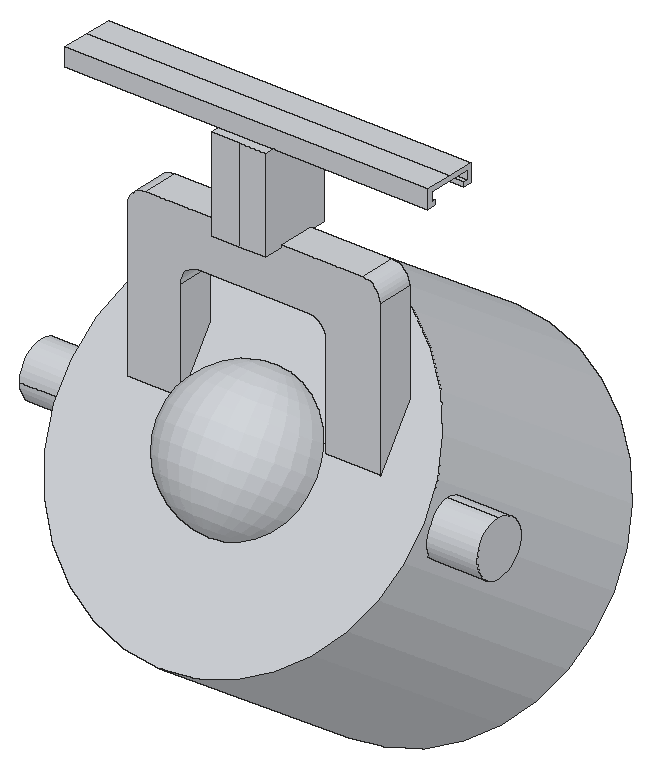
Revit family "Track_light_single", category Lighting Fixtures, host Ceiling, Revit 2016
Family settings
  Host = Ceiling
  Part Type = Normal
  Round Connector Dimension = Use Diameter
  Work Plane-Based = No
  Always vertical = Yes
  Cut with Voids When Loaded = No
  Light Source = Yes
  Shared = No
  Room Calculation Point = No
Parameters (values of type "Track_light_adjustable_3686 2")
  distance between lights = 25"
  Wattage = 12.1178 W
  built-in parameter 1150110 = 1 (stored number, unit not read)
  built-in parameter 1114217 = 1 (stored number, unit not read)
  Tilt Angle = 60.00°
  built-in parameter 1150109 = 1 (stored number, unit not read)
  built-in parameter 1150134 = 3
  built-in parameter 1150113 = 1 (stored number, unit not read)
  built-in parameter 1010507 = 0.7854 (stored number, unit not read)
  built-in parameter 1010506 = 0.5236 (stored number, unit not read)
  OffstDown = 0"
  built-in parameter 1150105 = 7422.5 (stored number, unit not read)
  Lumens = 1800 lm
  built-in parameter 1150115 = 1 (stored number, unit not read)
  Light Source Symbol Length = 120"
  built-in parameter 1150137 = (empty or 0)
  built-in parameter 1150139 = (empty or 0)
  Length [instance] = 10"
  built-in parameter 1150112 = 1 (stored number, unit not read)
  built-in parameter 1150114 = 1 (stored number, unit not read)
  built-in parameter 1150132 = 2
  built-in parameter 1150102 = (empty or 0)
  built-in parameter 1150107 = 3200 (stored number, unit not read)
  built-in parameter 1150138 = (empty or 0)
  built-in parameter 1150106 = 74.225 (stored number, unit not read)
  built-in parameter 1150104 = 13.8 (stored number, unit not read)
  Dimming Lamp Color Temperature Shift = <None>
  Color Filter = 16777215
  built-in parameter 1114218 = 1 (stored number, unit not read)
  built-in parameter 1150133 = 10 (stored number, unit not read)
Types (6): name | Wattage | Tilt Angle | built-in parameter 1010507 | built-in parameter 1010506 | built-in parameter 1150105 | Lumens | built-in parameter 1150106 | Color Filter
  Track_light_adjustable_3686 2 | 12.1178 W | 60.00° | 0.7854 (stored number, unit not read) | 0.5236 (stored number, unit not read) | 7422.5 (stored number, unit not read) | 1800 lm | 74.225 (stored number, unit not read) | 16777215
  Track_light_adjustable_10 | 5.38568 W | 40.00° | 1.3963 (stored number, unit not read) | 1.5708 (stored number, unit not read) | 3298.9 (stored number, unit not read) | 800 lm | 32.989 (stored number, unit not read) | 16777215
  Track_light_adjustable_5 | 5.38568 W | 20.00° | 0.7854 (stored number, unit not read) | 1.0472 (stored number, unit not read) | 3298.9 (stored number, unit not read) | 800 lm | 32.989 (stored number, unit not read) | 16777215
  Track_light_adjustable_4 | 4.03926 W | 5.00° | 2.0944 (stored number, unit not read) | 2.0944 (stored number, unit not read) | 254.65 (stored number, unit not read) | 600 lm | 2.5465 (stored number, unit not read) | 16777215
  Track_light_adjustable_2 | 4.03926 W | 60.00° | 1.5708 (stored number, unit not read) | 1.5708 (stored number, unit not read) | 443.16 (stored number, unit not read) | 600 lm | 4.4316 (stored number, unit not read) | 8453888
  Track_light_adjustable_1 | 6.7321 W | 5.00° | 2.0944 (stored number, unit not read) | 2.0944 (stored number, unit not read) | 424.41 (stored number, unit not read) | 1000 lm | 4.2441 (stored number, unit not read) | 16777088
Reference planes (in)
  plane 1 "Light Source Axis (F/B)": y = 44.39628
  plane 2 "Ceiling": z = 96
  plane 3 "Light Source Axis (L/R)": x = -4.52439
  plane 4 "Light Source Elevation": z = 96
  plane 5: x = -9.52439
  plane 6: x = 0.47561
  plane 7: z = 95.5
Forms (in)
  Extrusion 1, solid
    sketch origin (-4.52439, 0, -4) x (0, 1, 0) y (0, 0, 1)
      loop
        line (0, 100) -> (-0.75, 100) -> (-0.75, 99.5) -> (-0.5, 99.5) -> (-0.5, 99.625) -> (-0.625, 99.625) -> (-0.625, 99.875) -> (0, 99.875) -> (0.625, 99.875) -> (0.625, 99.625) -> (0.5, 99.625) -> (0.5, 99.5) -> (0.75, 99.5) -> (0.75, 100) -> (0, 100)
    from -5 to 5
Dimensions and locks (in)
  equal spacing: host sketch curve, plane 3 "Light Source Axis (L/R)", host sketch curve
  equal spacing: host sketch curve, plane 1 "Light Source Axis (F/B)", host sketch curve
  host sketch curve to host sketch curve = 120"  (x2)
  "Length": plane 6 to plane 5
  equal spacing: plane 6, plane 3 "Light Source Axis (L/R)", plane 5
  "OffstDown": plane 2 "Ceiling" to plane 4 "Light Source Elevation"
  plane 4 "Light Source Elevation" to plane 7 = 1/2"
  aligned and locked: plane 6 to Extrusion 1
  aligned and locked: Extrusion 1 to plane 5
  aligned and locked: plane 3 "Light Source Axis (L/R)" to nested 1
  aligned and locked: Extrusion 1 to Extrusion 1
  aligned and locked: Extrusion 1 to plane 4 "Light Source Elevation"
  aligned and locked: plane 7 to Extrusion 1
Automatic sketch dimensions
  Extrusion 1 sketch curve to plane 2 "Ceiling" = 0"
  plane 7 to Extrusion 1 sketch curve = 0"  (x2)
  plane 1 "Light Source Axis (F/B)" to Extrusion 1 sketch curve = 45.14628"
  Extrusion 1 sketch curve to Extrusion 1 sketch curve = 1/8"  (x4)
  Extrusion 1 sketch curve to Extrusion 1 sketch curve = 1/2"  (x2)
  Extrusion 1 sketch curve to Extrusion 1 sketch curve = 0"
  Extrusion 1 sketch curve to plane 7 = 1/8"  (x2)
  Extrusion 1 sketch curve to plane 2 "Ceiling" = 1/8"
Nested families (in)
  nested 1: "4 track light model" at (-4.52439, 0, 91.78485), type "4 track light model"
Definition of nested family "4 track light model"
  Reference planes (in)
    plane 1 "Center (Front/Back)": y = 0
    plane 2: z = 0
    plane 3 "Center (Left/Right)": x = 0
  Forms (in)
    Extrusion 1, solid
      sketch origin (0, 0.5, -1) x (-1, 0, 0) y (0, 0, -1)
        loop
          line (-2, -0.32381) -> (-2, 4) -> (-3.5, 4) -> (-3.5, -1.7483)
          arc (-3.5, -1.7483) -> (-3.35355, -2.10185) -> (-3, -2.2483) r 0.5
          line (-3, -2.2483) -> (2.97105, -2.2483)
          arc (2.97105, -2.2483) -> (3.32461, -2.10185) -> (3.47105, -1.7483) r 0.5
          line (3.47105, -1.7483) -> (3.47105, 4) -> (2, 4) -> (2, -0.32381)
          arc (2, -0.32381) -> (1.85355, -0.67736) -> (1.5, -0.82381) r 0.5
          line (1.5, -0.82381) -> (-1.5, -0.82381)
          arc (-1.5, -0.82381) -> (-1.85355, -0.67736) -> (-2, -0.32381) r 0.5
      from 0 to 1
    Extrusion 2, void
      sketch origin (0, 0.5, -1) x (0, 1, 0) y (0, 0, -1)
        loop
          line (0, 3.5) -> (0, 4) -> (-0.5, 4)
          arc (-0.5, 4) -> (-0.14645, 3.85355) -> (0, 3.5) r 0.5
      from -2.125 to 2.125
    Extrusion 3, void
      sketch origin (0, 0.5, -1) x (0, 1, 0) y (0, 0, -1)
        loop
          line (-0.5, 4) -> (-1, 4) -> (-1, 3.5)
          arc (-1, 3.5) -> (-0.85355, 3.85355) -> (-0.5, 4) r 0.5
      from -2.125 to 2.125
    Extrusion 4, void
      sketch origin (0, 0.5, -1) x (0, 1, 0) y (0, 0, -1)
        loop
          circle (-0.5, 3.5) r 0.125
      from -2.125 to 2.125
    Extrusion 5, solid
      sketch origin (0.12388, 1.5638, -5.75356) x (0, -0.573576, -0.819152) y (1, 0, 0)
        loop
          circle (-0.06862, -0.11953) r 5
      from -4.94183 to 3
    Extrusion 6, void
      sketch origin (0.12388, 1.5638, -5.75356) x (0, -0.573576, -0.819152) y (1, 0, 0)
        loop
          circle (-0.08343, -0.12315) r 4.7
      from -4.94183 to 2.5
    Extrusion 7, solid
      sketch origin (2.125, 0.5, -1) x (-1, 0, 0) y (0, -1, 0)
        loop
          line (2.125, 1.5) -> (1.375, 1.5) -> (1.375, -0.5) -> (2.875, -0.5) -> (2.875, 1.5) -> (2.125, 1.5)
      from 2.15625 to 4.71515
    Revolve 8, solid
      sketch origin (0.12388, -0.89366, -4.03283) x (0, -0.573576, -0.819152) y (1, 0, 0)
        loop
          line (1.91657, -0.12315) -> (-2.08343, -0.12315)
          arc (-2.08343, -0.12315) -> (-0.08343, -2.12315) -> (1.91657, -0.12315) r 2
        axis (1.91657, -0.12315) -> (-2.08343, -0.12315)
      angle from 0 to -180
    Extrusion 9, solid
      sketch origin (2.125, 0.5, -5) x (0, 0, 1) y (0, -1, 0)
        loop
          circle (0.52097, 0.52389) r 0.75
      from 2.71505 to 4.25
    Extrusion 10, solid
      sketch origin (-2.125, 0.5, -1) x (0, 0, -1) y (0, -1, 0)
        loop
          circle (3.5, 0.5) r 0.75
      from 2.61068 to 4.11395
  Cuts and joins
    Extrusion 2 cuts Extrusion 1
    Extrusion 2, Extrusion 6 cuts Extrusion 5
    Extrusion 2 cuts Revolve 8
    Extrusion 2 cuts Extrusion 9
    Extrusion 2 cuts Extrusion 10
